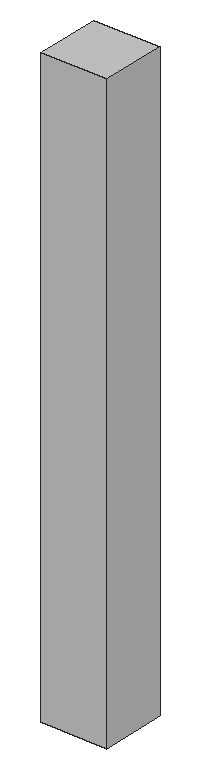
Revit family "2fc4f865fc8e4cc6844a0e66fbd42ba6", category Structural Columns, Revit 2021
Family settings
  Display in Hidden Views = Edges Hidden by Other Members
  Section Shape = Not Defined
  Material for Model Behavior = Concrete
  Always export as geometry = No
  Beam cutback in plan = From bounding box
  OmniClass Number = 23.25.30.11.14.11
  OmniClass Title = Columns
  Seek Item ID = Concrete-Square-Column-0000-USA-ENU
  Cut with Voids When Loaded = No
  Symbolic Representation = From Family
  Shared = No
  Show family pre-cut in plan views = Yes
Parameters (values of type "12 x 12")
  Structural Material [instance] = Concrete, Cast-in-Place gray
  Assembly Code = "B10"
  b = 1' - 0"
Types (5): name | b
  (no name) | 1' - 0"
  12 x 12 | 1' - 0"
  18 x 18 | 1' - 6"
  24 x 24 | 2' - 0"
  30 x 30 | 2' - 6"
Reference planes (in)
  plane 1 "Center (Front/Back)": y = 0
  plane 2: z = 0
  plane 3 "Center (Left/Right)": x = 0
  plane 4: x = -6
  plane 5: x = 6
  plane 6: y = 6
  plane 7: y = -6
Forms (in)
  Extrusion 1, solid, material "Concrete, Cast-in-Place gray" <- "Structural Material"
    sketch origin (0, 0, 0) x (1, 0, 0) y (0, 1, 0)
      loop
        line (-6, 6) -> (-6, -6) -> (6, -6) -> (6, 6) -> (-6, 6)
    from 0 to 108
Dimensions and locks (in)
  equal spacing: plane 4, plane 3 "Center (Left/Right)", plane 5
  equal spacing: plane 7, plane 1 "Center (Front/Back)", plane 6
  "b": plane 7 to plane 6
  "b": plane 4 to plane 5
  aligned and locked: plane 6 to Extrusion 1 sketch curve
  aligned and locked: Extrusion 1 sketch curve to plane 7
  aligned and locked: Extrusion 1 sketch curve to plane 4
  aligned and locked: plane 5 to Extrusion 1 sketch curve
  aligned and locked: level to Extrusion 1
  aligned and locked: level to plane 2
  aligned and locked: Extrusion 1 to plane 2
